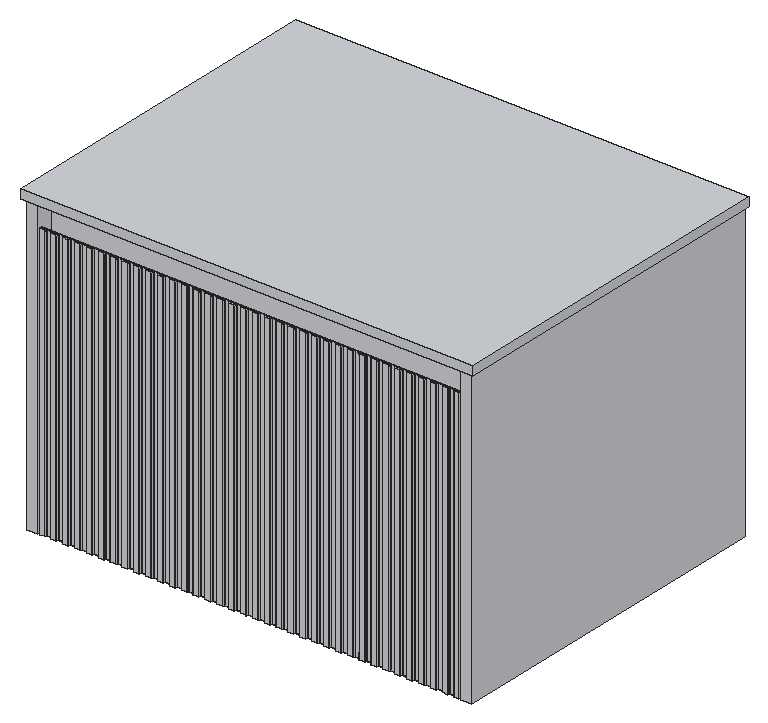
Revit family "Zara Ribbed Cabinet 600mm - KL810878-60", category Plumbing Fixtures, Revit 2023
Family settings
  Round Connector Dimension = Use Diameter
  Part Type = Normal
  OmniClass Number = 23.45.00.00
  OmniClass Title = Sanitary, Laundry, and Cleaning Equipment
  Work Plane-Based = No
  Enable Cutting in Views = No
  Always vertical = Yes
  Cut with Voids When Loaded = No
  Maintain Annotation Orientation = No
  Shared = No
  Room Calculation Point = No
Parameters
  Slats = none
  Door Base = none
  Default Elevation = 0 mm
  Countertop = none
  Carcass = none
Reference planes
  plane 1 "Center (Front/Back)": y = 0
  plane 2: z = 0
  plane 3 "Center (Left/Right)": x = 0
Forms (mm)
  Extrusion 1, solid, material <- "Carcass"
    sketch origin (0, 0, 0) x (1, 0, 0) y (0, 1, 0)
      loop
        line (-300, 0) -> (-300, -460) -> (-285, -460) -> (-285, 0) -> (-300, 0)
      loop
        line (285, -460) -> (300, -460) -> (300, 0) -> (285, 0) -> (285, -460)
    from 0 to 400
  Extrusion 2, solid, material <- "Carcass"
    sketch origin (0, 0, 0) x (0, 1, 0) y (0, 0, 1)
      loop
        line (0, 400) -> (-15, 400) -> (-15, 322) -> (0, 322) -> (0, 400)
      loop
        line (0, 93) -> (-15, 93) -> (-15, 15) -> (0, 15) -> (0, 93)
      loop
        line (-424, 340) -> (-424, 400) -> (-439, 400) -> (-439, 340) -> (-424, 340)
    from -285 to 285
  Extrusion 3, solid, material <- "Carcass"
    sketch origin (0, 0, 0) x (0, 1, 0) y (0, 0, 1)
      loop
        line (-361, 15) -> (-439, 15) -> (-439, 0) -> (-361, 0) -> (-361, 15)
      loop
        line (0, 15) -> (-78, 15) -> (-78, 0) -> (0, 0) -> (0, 15)
    from -285 to 285
  Extrusion 4, solid, material <- "Countertop"
    sketch origin (0, 0, 0) x (0, 1, 0) y (0, 0, 1)
      loop
        line (0, 412) -> (-465, 412) -> (-465, 400) -> (0, 400) -> (0, 412)
    from -305 to 305
  Extrusion 5, solid, material <- "Door Base"
    sketch origin (0, 0, 0) x (0, 1, 0) y (0, 0, 1)
      loop
        line (-457.5, 370.5) -> (-457.5, 0) -> (-441, 0) -> (-441, 354) -> (-457.5, 370.5)
    from -282.5 to 282.5
  Extrusion 6, solid, material <- "Slats"
    sketch origin (0, 0, 0) x (1, 0, 0) y (0, 1, 0)
      loop
        line (-267.5, -460) -> (-260.5, -460)
        arc (-260.5, -460) -> (-260.146, -459.854) -> (-260, -459.5) r 0.5
        line (-260, -459.5) -> (-260, -458)
        arc (-260, -458) -> (-259.854, -457.646) -> (-259.5, -457.5) r 0.5
        line (-259.5, -457.5) -> (-252.5, -457.5)
        arc (-252.5, -457.5) -> (-252.146, -457.646) -> (-252, -458) r 0.5
        line (-252, -458) -> (-252, -459.5)
        arc (-252, -459.5) -> (-251.854, -459.854) -> (-251.5, -460) r 0.5
        line (-251.5, -460) -> (-244.5, -460)
        arc (-244.5, -460) -> (-244.146, -459.854) -> (-244, -459.5) r 0.5
        line (-244, -459.5) -> (-244, -458)
        arc (-244, -458) -> (-243.854, -457.646) -> (-243.5, -457.5) r 0.5
        line (-243.5, -457.5) -> (-236.5, -457.5)
        arc (-236.5, -457.5) -> (-236.146, -457.646) -> (-236, -458) r 0.5
        line (-236, -458) -> (-236, -459.5)
        arc (-236, -459.5) -> (-235.854, -459.854) -> (-235.5, -460) r 0.5
        line (-235.5, -460) -> (-228.5, -460)
        arc (-228.5, -460) -> (-228.146, -459.854) -> (-228, -459.5) r 0.5
        line (-228, -459.5) -> (-228, -458)
        arc (-228, -458) -> (-227.854, -457.646) -> (-227.5, -457.5) r 0.5
        line (-227.5, -457.5) -> (-220.5, -457.5)
        arc (-220.5, -457.5) -> (-220.146, -457.646) -> (-220, -458) r 0.5
        line (-220, -458) -> (-220, -459.5)
        arc (-220, -459.5) -> (-219.854, -459.854) -> (-219.5, -460) r 0.5
        line (-219.5, -460) -> (-212.5, -460)
        arc (-212.5, -460) -> (-212.146, -459.854) -> (-212, -459.5) r 0.5
        line (-212, -459.5) -> (-212, -458)
        arc (-212, -458) -> (-211.854, -457.646) -> (-211.5, -457.5) r 0.5
        line (-211.5, -457.5) -> (-204.5, -457.5)
        arc (-204.5, -457.5) -> (-204.146, -457.646) -> (-204, -458) r 0.5
        line (-204, -458) -> (-204, -459.5)
        arc (-204, -459.5) -> (-203.854, -459.854) -> (-203.5, -460) r 0.5
        line (-203.5, -460) -> (-196.5, -460)
        arc (-196.5, -460) -> (-196.146, -459.854) -> (-196, -459.5) r 0.5
        line (-196, -459.5) -> (-196, -458)
        arc (-196, -458) -> (-195.854, -457.646) -> (-195.5, -457.5) r 0.5
        line (-195.5, -457.5) -> (-188.5, -457.5)
        arc (-188.5, -457.5) -> (-188.146, -457.646) -> (-188, -458) r 0.5
        line (-188, -458) -> (-188, -459.5)
        arc (-188, -459.5) -> (-187.854, -459.854) -> (-187.5, -460) r 0.5
        line (-187.5, -460) -> (-180.5, -460)
        arc (-180.5, -460) -> (-180.146, -459.854) -> (-180, -459.5) r 0.5
        line (-180, -459.5) -> (-180, -458)
        arc (-180, -458) -> (-179.854, -457.646) -> (-179.5, -457.5) r 0.5
        line (-179.5, -457.5) -> (-172.5, -457.5)
        arc (-172.5, -457.5) -> (-172.146, -457.646) -> (-172, -458) r 0.5
        line (-172, -458) -> (-172, -459.5)
        arc (-172, -459.5) -> (-171.854, -459.854) -> (-171.5, -460) r 0.5
        line (-171.5, -460) -> (-164.5, -460)
        arc (-164.5, -460) -> (-164.146, -459.854) -> (-164, -459.5) r 0.5
        line (-164, -459.5) -> (-164, -458)
        arc (-164, -458) -> (-163.854, -457.646) -> (-163.5, -457.5) r 0.5
        line (-163.5, -457.5) -> (-156.5, -457.5)
        arc (-156.5, -457.5) -> (-156.146, -457.646) -> (-156, -458) r 0.5
        line (-156, -458) -> (-156, -459.5)
        arc (-156, -459.5) -> (-155.854, -459.854) -> (-155.5, -460) r 0.5
        line (-155.5, -460) -> (-148.5, -460)
        arc (-148.5, -460) -> (-148.146, -459.854) -> (-148, -459.5) r 0.5
        line (-148, -459.5) -> (-148, -458)
        arc (-148, -458) -> (-147.854, -457.646) -> (-147.5, -457.5) r 0.5
        line (-147.5, -457.5) -> (-140.5, -457.5)
        arc (-140.5, -457.5) -> (-140.146, -457.646) -> (-140, -458) r 0.5
        line (-140, -458) -> (-140, -459.5)
        arc (-140, -459.5) -> (-139.854, -459.854) -> (-139.5, -460) r 0.5
        line (-139.5, -460) -> (-132.5, -460)
        arc (-132.5, -460) -> (-132.146, -459.854) -> (-132, -459.5) r 0.5
        line (-132, -459.5) -> (-132, -458)
        arc (-132, -458) -> (-131.854, -457.646) -> (-131.5, -457.5) r 0.5
        line (-131.5, -457.5) -> (-124.5, -457.5)
        arc (-124.5, -457.5) -> (-124.146, -457.646) -> (-124, -458) r 0.5
        line (-124, -458) -> (-124, -459.5)
        arc (-124, -459.5) -> (-123.854, -459.854) -> (-123.5, -460) r 0.5
        line (-123.5, -460) -> (-116.5, -460)
        arc (-116.5, -460) -> (-116.146, -459.854) -> (-116, -459.5) r 0.5
        line (-116, -459.5) -> (-116, -458)
        arc (-116, -458) -> (-115.854, -457.646) -> (-115.5, -457.5) r 0.5
        line (-115.5, -457.5) -> (-108.5, -457.5)
        arc (-108.5, -457.5) -> (-108.146, -457.646) -> (-108, -458) r 0.5
        line (-108, -458) -> (-108, -459.5)
        arc (-108, -459.5) -> (-107.854, -459.854) -> (-107.5, -460) r 0.5
        line (-107.5, -460) -> (-100.5, -460)
        arc (-100.5, -460) -> (-100.146, -459.854) -> (-100, -459.5) r 0.5
        line (-100, -459.5) -> (-100, -458)
        arc (-100, -458) -> (-99.854, -457.646) -> (-99.5, -457.5) r 0.5
        line (-99.5, -457.5) -> (-92.5, -457.5)
        arc (-92.5, -457.5) -> (-92.146, -457.646) -> (-92, -458) r 0.5
        line (-92, -458) -> (-92, -459.5)
        arc (-92, -459.5) -> (-91.854, -459.854) -> (-91.5, -460) r 0.5
        line (-91.5, -460) -> (-84.5, -460)
        arc (-84.5, -460) -> (-84.146, -459.854) -> (-84, -459.5) r 0.5
        line (-84, -459.5) -> (-84, -458)
        arc (-84, -458) -> (-83.854, -457.646) -> (-83.5, -457.5) r 0.5
        line (-83.5, -457.5) -> (-76.5, -457.5)
        arc (-76.5, -457.5) -> (-76.146, -457.646) -> (-76, -458) r 0.5
        line (-76, -458) -> (-76, -459.5)
        arc (-76, -459.5) -> (-75.854, -459.854) -> (-75.5, -460) r 0.5
        line (-75.5, -460) -> (-68.5, -460)
        arc (-68.5, -460) -> (-68.146, -459.854) -> (-68, -459.5) r 0.5
        line (-68, -459.5) -> (-68, -458)
        arc (-68, -458) -> (-67.854, -457.646) -> (-67.5, -457.5) r 0.5
        line (-67.5, -457.5) -> (-60.5, -457.5)
        arc (-60.5, -457.5) -> (-60.146, -457.646) -> (-60, -458) r 0.5
        line (-60, -458) -> (-60, -459.5)
        arc (-60, -459.5) -> (-59.854, -459.854) -> (-59.5, -460) r 0.5
        line (-59.5, -460) -> (-52.5, -460)
        arc (-52.5, -460) -> (-52.146, -459.854) -> (-52, -459.5) r 0.5
        line (-52, -459.5) -> (-52, -458)
        arc (-52, -458) -> (-51.854, -457.646) -> (-51.5, -457.5) r 0.5
        line (-51.5, -457.5) -> (-44.5, -457.5)
        arc (-44.5, -457.5) -> (-44.146, -457.646) -> (-44, -458) r 0.5
        line (-44, -458) -> (-44, -459.5)
        arc (-44, -459.5) -> (-43.854, -459.854) -> (-43.5, -460) r 0.5
        line (-43.5, -460) -> (-36.5, -460)
        arc (-36.5, -460) -> (-36.146, -459.854) -> (-36, -459.5) r 0.5
        line (-36, -459.5) -> (-36, -458)
        arc (-36, -458) -> (-35.854, -457.646) -> (-35.5, -457.5) r 0.5
        line (-35.5, -457.5) -> (-28.5, -457.5)
        arc (-28.5, -457.5) -> (-28.146, -457.646) -> (-28, -458) r 0.5
        line (-28, -458) -> (-28, -459.5)
        arc (-28, -459.5) -> (-27.854, -459.854) -> (-27.5, -460) r 0.5
        line (-27.5, -460) -> (-20.5, -460)
        arc (-20.5, -460) -> (-20.146, -459.854) -> (-20, -459.5) r 0.5
        line (-20, -459.5) -> (-20, -458)
        arc (-20, -458) -> (-19.854, -457.646) -> (-19.5, -457.5) r 0.5
        line (-19.5, -457.5) -> (-12.5, -457.5)
        arc (-12.5, -457.5) -> (-12.146, -457.646) -> (-12, -458) r 0.5
        line (-12, -458) -> (-12, -459.5)
        arc (-12, -459.5) -> (-11.854, -459.854) -> (-11.5, -460) r 0.5
        line (-11.5, -460) -> (-4.5, -460)
        arc (-4.5, -460) -> (-4.146, -459.854) -> (-4, -459.5) r 0.5
        line (-4, -459.5) -> (-4, -458)
        arc (-4, -458) -> (-3.854, -457.646) -> (-3.5, -457.5) r 0.5
        line (-3.5, -457.5) -> (3.5, -457.5)
        arc (3.5, -457.5) -> (3.854, -457.646) -> (4, -458) r 0.5
        line (4, -458) -> (4, -459.5)
        arc (4, -459.5) -> (4.146, -459.854) -> (4.5, -460) r 0.5
        line (4.5, -460) -> (11.5, -460)
        arc (11.5, -460) -> (11.854, -459.854) -> (12, -459.5) r 0.5
        line (12, -459.5) -> (12, -458)
        arc (12, -458) -> (12.146, -457.646) -> (12.5, -457.5) r 0.5
        line (12.5, -457.5) -> (19.5, -457.5)
        arc (19.5, -457.5) -> (19.854, -457.646) -> (20, -458) r 0.5
        line (20, -458) -> (20, -459.5)
        arc (20, -459.5) -> (20.146, -459.854) -> (20.5, -460) r 0.5
        line (20.5, -460) -> (27.5, -460)
        arc (27.5, -460) -> (27.854, -459.854) -> (28, -459.5) r 0.5
        line (28, -459.5) -> (28, -458)
        arc (28, -458) -> (28.146, -457.646) -> (28.5, -457.5) r 0.5
        line (28.5, -457.5) -> (35.5, -457.5)
        arc (35.5, -457.5) -> (35.854, -457.646) -> (36, -458) r 0.5
        line (36, -458) -> (36, -459.5)
        arc (36, -459.5) -> (36.146, -459.854) -> (36.5, -460) r 0.5
        line (36.5, -460) -> (43.5, -460)
        arc (43.5, -460) -> (43.854, -459.854) -> (44, -459.5) r 0.5
        line (44, -459.5) -> (44, -458)
        arc (44, -458) -> (44.146, -457.646) -> (44.5, -457.5) r 0.5
        line (44.5, -457.5) -> (51.5, -457.5)
        arc (51.5, -457.5) -> (51.854, -457.646) -> (52, -458) r 0.5
        line (52, -458) -> (52, -459.5)
        arc (52, -459.5) -> (52.146, -459.854) -> (52.5, -460) r 0.5
        line (52.5, -460) -> (59.5, -460)
        arc (59.5, -460) -> (59.854, -459.854) -> (60, -459.5) r 0.5
        line (60, -459.5) -> (60, -458)
        arc (60, -458) -> (60.146, -457.646) -> (60.5, -457.5) r 0.5
        line (60.5, -457.5) -> (67.5, -457.5)
        arc (67.5, -457.5) -> (67.854, -457.646) -> (68, -458) r 0.5
        line (68, -458) -> (68, -459.5)
        arc (68, -459.5) -> (68.146, -459.854) -> (68.5, -460) r 0.5
        line (68.5, -460) -> (75.5, -460)
        arc (75.5, -460) -> (75.854, -459.854) -> (76, -459.5) r 0.5
        line (76, -459.5) -> (76, -458)
        arc (76, -458) -> (76.146, -457.646) -> (76.5, -457.5) r 0.5
        line (76.5, -457.5) -> (83.5, -457.5)
        arc (83.5, -457.5) -> (83.854, -457.646) -> (84, -458) r 0.5
        line (84, -458) -> (84, -459.5)
        arc (84, -459.5) -> (84.146, -459.854) -> (84.5, -460) r 0.5
        line (84.5, -460) -> (91.5, -460)
        arc (91.5, -460) -> (91.854, -459.854) -> (92, -459.5) r 0.5
        line (92, -459.5) -> (92, -458)
        arc (92, -458) -> (92.146, -457.646) -> (92.5, -457.5) r 0.5
        line (92.5, -457.5) -> (99.5, -457.5)
        arc (99.5, -457.5) -> (99.854, -457.646) -> (100, -458) r 0.5
        line (100, -458) -> (100, -459.5)
        arc (100, -459.5) -> (100.146, -459.854) -> (100.5, -460) r 0.5
        line (100.5, -460) -> (107.5, -460)
        arc (107.5, -460) -> (107.854, -459.854) -> (108, -459.5) r 0.5
        line (108, -459.5) -> (108, -458)
        arc (108, -458) -> (108.146, -457.646) -> (108.5, -457.5) r 0.5
        line (108.5, -457.5) -> (115.5, -457.5)
        arc (115.5, -457.5) -> (115.854, -457.646) -> (116, -458) r 0.5
        line (116, -458) -> (116, -459.5)
        arc (116, -459.5) -> (116.146, -459.854) -> (116.5, -460) r 0.5
        line (116.5, -460) -> (123.5, -460)
        arc (123.5, -460) -> (123.854, -459.854) -> (124, -459.5) r 0.5
        line (124, -459.5) -> (124, -458)
        arc (124, -458) -> (124.146, -457.646) -> (124.5, -457.5) r 0.5
        line (124.5, -457.5) -> (131.5, -457.5)
        arc (131.5, -457.5) -> (131.854, -457.646) -> (132, -458) r 0.5
        line (132, -458) -> (132, -459.5)
        arc (132, -459.5) -> (132.146, -459.854) -> (132.5, -460) r 0.5
        line (132.5, -460) -> (139.5, -460)
        arc (139.5, -460) -> (139.854, -459.854) -> (140, -459.5) r 0.5
        line (140, -459.5) -> (140, -458)
        arc (140, -458) -> (140.146, -457.646) -> (140.5, -457.5) r 0.5
        line (140.5, -457.5) -> (147.5, -457.5)
        arc (147.5, -457.5) -> (147.854, -457.646) -> (148, -458) r 0.5
        line (148, -458) -> (148, -459.5)
        arc (148, -459.5) -> (148.146, -459.854) -> (148.5, -460) r 0.5
        line (148.5, -460) -> (155.5, -460)
        arc (155.5, -460) -> (155.854, -459.854) -> (156, -459.5) r 0.5
        line (156, -459.5) -> (156, -458)
        arc (156, -458) -> (156.146, -457.646) -> (156.5, -457.5) r 0.5
        line (156.5, -457.5) -> (163.5, -457.5)
        arc (163.5, -457.5) -> (163.854, -457.646) -> (164, -458) r 0.5
        line (164, -458) -> (164, -459.5)
        arc (164, -459.5) -> (164.146, -459.854) -> (164.5, -460) r 0.5
        line (164.5, -460) -> (171.5, -460)
        arc (171.5, -460) -> (171.854, -459.854) -> (172, -459.5) r 0.5
        line (172, -459.5) -> (172, -458)
        arc (172, -458) -> (172.146, -457.646) -> (172.5, -457.5) r 0.5
        line (172.5, -457.5) -> (179.5, -457.5)
        arc (179.5, -457.5) -> (179.854, -457.646) -> (180, -458) r 0.5
        line (180, -458) -> (180, -459.5)
        arc (180, -459.5) -> (180.146, -459.854) -> (180.5, -460) r 0.5
        line (180.5, -460) -> (187.5, -460)
        arc (187.5, -460) -> (187.854, -459.854) -> (188, -459.5) r 0.5
        line (188, -459.5) -> (188, -458)
        arc (188, -458) -> (188.146, -457.646) -> (188.5, -457.5) r 0.5
        line (188.5, -457.5) -> (195.5, -457.5)
        arc (195.5, -457.5) -> (195.854, -457.646) -> (196, -458) r 0.5
        line (196, -458) -> (196, -459.5)
        arc (196, -459.5) -> (196.146, -459.854) -> (196.5, -460) r 0.5
        line (196.5, -460) -> (203.5, -460)
        arc (203.5, -460) -> (203.854, -459.854) -> (204, -459.5) r 0.5
        line (204, -459.5) -> (204, -458)
        arc (204, -458) -> (204.146, -457.646) -> (204.5, -457.5) r 0.5
        line (204.5, -457.5) -> (211.5, -457.5)
        arc (211.5, -457.5) -> (211.854, -457.646) -> (212, -458) r 0.5
        line (212, -458) -> (212, -459.5)
        arc (212, -459.5) -> (212.146, -459.854) -> (212.5, -460) r 0.5
        line (212.5, -460) -> (219.5, -460)
        arc (219.5, -460) -> (219.854, -459.854) -> (220, -459.5) r 0.5
        line (220, -459.5) -> (220, -458)
        arc (220, -458) -> (220.146, -457.646) -> (220.5, -457.5) r 0.5
        line (220.5, -457.5) -> (227.5, -457.5)
        arc (227.5, -457.5) -> (227.854, -457.646) -> (228, -458) r 0.5
        line (228, -458) -> (228, -459.5)
        arc (228, -459.5) -> (228.146, -459.854) -> (228.5, -460) r 0.5
        line (228.5, -460) -> (235.5, -460)
        arc (235.5, -460) -> (235.854, -459.854) -> (236, -459.5) r 0.5
        line (236, -459.5) -> (236, -458)
        arc (236, -458) -> (236.146, -457.646) -> (236.5, -457.5) r 0.5
        line (236.5, -457.5) -> (243.5, -457.5)
        arc (243.5, -457.5) -> (243.854, -457.646) -> (244, -458) r 0.5
        line (244, -458) -> (244, -459.5)
        arc (244, -459.5) -> (244.146, -459.854) -> (244.5, -460) r 0.5
        line (244.5, -460) -> (251.5, -460)
        arc (251.5, -460) -> (251.854, -459.854) -> (252, -459.5) r 0.5
        line (252, -459.5) -> (252, -458)
        arc (252, -458) -> (252.146, -457.646) -> (252.5, -457.5) r 0.5
        line (252.5, -457.5) -> (259.5, -457.5)
        arc (259.5, -457.5) -> (259.854, -457.646) -> (260, -458) r 0.5
        line (260, -458) -> (260, -459.5)
        arc (260, -459.5) -> (260.146, -459.854) -> (260.5, -460) r 0.5
        line (260.5, -460) -> (267.5, -460)
        arc (267.5, -460) -> (267.854, -459.854) -> (268, -459.5) r 0.5
        line (268, -459.5) -> (268, -458)
        arc (268, -458) -> (268.146, -457.646) -> (268.5, -457.5) r 0.5
        line (268.5, -457.5) -> (275.5, -457.5)
        arc (275.5, -457.5) -> (275.854, -457.646) -> (276, -458) r 0.5
        line (276, -458) -> (276, -459.5)
        arc (276, -459.5) -> (276.146, -459.854) -> (276.5, -460) r 0.5
        line (276.5, -460) -> (282.5, -460) -> (282.5, -457) -> (-282.5, -457) -> (-282.5, -460) -> (-276.5, -460)
        arc (-276.5, -460) -> (-276.146, -459.854) -> (-276, -459.5) r 0.5
        line (-276, -459.5) -> (-276, -458)
        arc (-276, -458) -> (-275.854, -457.646) -> (-275.5, -457.5) r 0.5
        line (-275.5, -457.5) -> (-268.5, -457.5)
        arc (-268.5, -457.5) -> (-268.146, -457.646) -> (-268, -458) r 0.5
        line (-268, -458) -> (-268, -459.5)
        arc (-268, -459.5) -> (-267.854, -459.854) -> (-267.5, -460) r 0.5
    from 0 to 370
Lines and regions (mm)
  model lines, style "VPORTS", not visible
    curve 1: line (691.003, 755.202, 0) -> (691.003, 295.202, 0)
    curve 2: line (691.003, 295.202, 0) -> (706.003, 295.202, 0)
    curve 3: line (706.003, 295.202, 0) -> (706.003, 755.202, 0)
    curve 4: line (706.003, 755.202, 0) -> (106.003, 755.202, 0)
    curve 5: line (106.003, 755.202, 0) -> (106.003, 295.202, 0)
    curve 6: line (106.003, 295.202, 0) -> (121.003, 295.202, 0)
    curve 7: line (121.003, 295.202, 0) -> (121.003, 755.202, 0)
    curve 8: line (121.003, 740.202, 0) -> (691.003, 740.202, 0)
    curve 9: line (121.003, 316.202, 0) -> (691.003, 316.202, 0)
    curve 10: line (121.003, 331.202, 0) -> (691.003, 331.202, 0)
    curve 11: line (121.003, 997.016, 0) -> (691.003, 997.016, 0)
    curve 12: line (121.003, 1322.016, 0) -> (691.003, 1322.016, 0)
    curve 13: line (121.003, 1382.016, 0) -> (121.003, 982.016, 0)
    curve 14: line (706.003, 1382.016, 0) -> (706.003, 982.016, 0)
    curve 15: line (706.003, 982.016, 0) -> (106.003, 982.016, 0)
    curve 16: line (106.003, 982.016, 0) -> (106.003, 1382.016, 0)
    curve 17: line (691.003, 1382.016, 0) -> (691.003, 982.016, 0)
    curve 18: line (101.003, 1382.016, 0) -> (711.003, 1382.016, 0)
    curve 19: line (711.003, 1382.016, 0) -> (711.003, 1394.016, 0)
    curve 20: line (711.003, 1394.016, 0) -> (101.003, 1394.016, 0)
    curve 21: line (101.003, 1394.016, 0) -> (101.003, 1382.016, 0)
    curve 22: line (1521.765, 1352.016, 0) -> (1521.765, 982.016, 0)
    curve 23: line (1524.265, 982.016, 0) -> (1505.265, 982.016, 0)
    curve 24: line (1505.265, 982.016, 0) -> (1505.265, 1336.016, 0)
    curve 25: line (1505.265, 1336.016, 0) -> (1521.265, 1352.016, 0)
    curve 26: line (1521.265, 1352.016, 0) -> (1524.265, 1352.016, 0)
    curve 37: line (1488.265, 1382.016, 0) -> (1488.265, 1322.016, 0)
    curve 38: line (1488.265, 1322.016, 0) -> (1503.265, 1322.016, 0)
    curve 39: line (1503.265, 1322.016, 0) -> (1503.265, 1382.016, 0)
    curve 40: line (1064.265, 997.016, 0) -> (1142.265, 997.016, 0)
    curve 41: line (1142.265, 997.016, 0) -> (1142.265, 982.016, 0)
    curve 42: line (1503.265, 982.016, 0) -> (1503.265, 997.016, 0)
    curve 43: line (1503.265, 997.016, 0) -> (1425.265, 997.016, 0)
    curve 44: line (1425.265, 997.016, 0) -> (1425.265, 982.016, 0)
    curve 45: line (1079.265, 1382.016, 0) -> (1079.265, 1304.016, 0)
    curve 46: line (1079.265, 1304.016, 0) -> (1064.265, 1304.016, 0)
    curve 47: line (1079.265, 997.016, 0) -> (1079.265, 1075.016, 0)
    curve 48: line (1079.265, 1075.016, 0) -> (1064.265, 1075.016, 0)
    curve 49: line (1524.265, 1382.016, 0) -> (1524.265, 982.016, 0)
    curve 50: line (1519.265, 1382.016, 0) -> (1064.265, 1382.016, 0)
    curve 51: line (1064.265, 1382.016, 0) -> (1064.265, 982.016, 0)
    curve 52: line (1064.265, 982.016, 0) -> (1518.265, 982.016, 0)
    curve 53: line (1064.265, 1382.016, 0) -> (1529.265, 1382.016, 0)
    curve 54: line (1529.265, 1382.016, 0) -> (1529.265, 1394.016, 0)
    curve 55: line (1529.265, 1394.016, 0) -> (1064.265, 1394.016, 0)
    curve 56: line (1064.265, 1394.016, 0) -> (1064.265, 1382.016, 0)
  model lines, style "0", not visible
    curve 27: line (1505.265, 1189.016, 0) -> (1505.265, 1022.016, 0)
    curve 28: line (1505.265, 1022.016, 0) -> (1162.265, 1022.016, 0)
    curve 29: line (1162.265, 1022.016, 0) -> (1162.265, 1189.016, 0)
    curve 30: line (1162.265, 1189.016, 0) -> (1505.265, 1189.016, 0)
    curve 31: line (1162.265, 1031.516, 0) -> (1505.265, 1031.516, 0)
    curve 32: line (1162.265, 1048.016, 0) -> (1505.265, 1048.016, 0)
    curve 33: line (1177.265, 1047.516, 0) -> (1489.265, 1047.516, 0)
    curve 34: line (1178.265, 1022.016, 0) -> (1178.265, 1189.016, 0)
    curve 35: line (1489.265, 1031.516, 0) -> (1489.265, 1189.016, 0)
    curve 36: line (1384.265, 1048.016, 0) -> (1384.265, 1031.516, 0)
Dimensions and locks
  aligned and locked: level to plane 2
